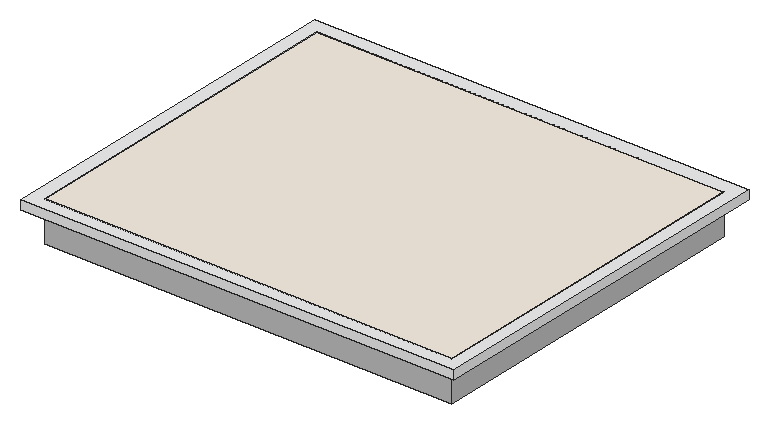
Revit family "Lighting-Industrial-GEWISS-ELIA-HL-LED_HIGHBAY", category Apparecchi per illuminazione, host Superficie, Revit 2019 (continued)
Types (12, lengths in mm): name | Weight (kg): | Weight (kg) | Voltage | Technical sheet | System power | Optic | built-in parameter 1150142 | Lumen output (lm) | Model | IDT | File diagramma fotometrico | Description
    08 73.99 61.96 50.54 40.24 \r\n31.39 23.89 17.78 12.98 9.52 7.19 5.76 5.33 \r\n4943.60 4943.60 4943.60 4945.30 4945.30 4947.00 4947.85 \r\n4949.55 4951.25 4953.80 4956.35 4958.90 4962.30 4966.55 \r\n4969.95 4974.20 4978.45 4983.55 4988.65 4993.75 4999.70 \r\n5004.80 5009.90 5015.00 5020.95 5026.05 5031.15 5036.25 \r\n5041.35 5046.45 5050.70 5055.80 5060.90 5066.00 5071.10 \r\n5077.05 5082.15 5088.10 5094.05 5100.00 5106.80 5112.75 \r\n5119.55 5127.20 5134.85 5141.65 5150.15 5158.65 5167.15 \r\n5175.65 5184.15 5192.65 5201.15 5207.95 5214.75 5222.40 \r\n5229.20 5234.30 5239.40 5244.50 5249.60 5253.00 5255.55 \r\n5258.95 5260.65 5261.50 5262.35 5262.35 5261.50 5259.80 \r\n5258.10 5254.70 5249.60 5243.65 5237.70 5230.90 5222.40 \r\n5213.05 5202.85 5190.95 5178.20 5164.60 5150.15 5134.85 \r\n5117.85 5099.15 5080.45 5060.05 5039.65 5017.55 4992.90 \r\n4967.40 4939.35 4904.50 4865.40 4819.50 4768.50 4710.70 \r\n4647.80 4578.95 4507.55 4437.00 4364.75 4290.80 4211.75 \r\n4125.05 4032.40 3936.35 3835.20 3730.65 3622.70 3511.35 \r\n3398.30 3288.65 3181.55 3077.00 2975.00 2873.85 2774.40 \r\n2675.80 2578.05 2482.85 2390.20 2296.70 2206.60 2118.20 \r\n2031.50 1945.65 1862.35 1781.60 1704.25 1625.45 1548.53 \r\n1473.81 1401.48 1331.95 1264.20 1196.46 1130.50 1068.28 \r\n1007.93 948.09 889.95 834.87 782.42 733.29 686.88 642.94 \r\n601.29 561.85 524.45 489.17 455.77 424.23 394.06 364.73 \r\n336.35 309.14 282.88 257.21 232.90 211.05 190.31 169.63 \r\n150.09 132.73 116.64 101.13 86.69 73.67 61.69 50.35 40.10 \r\n31.31 23.86 17.78 13.00 9.51 7.16 5.74 5.32 \r\n4943.60 4943.60 4943.60 4945.30 4945.30 4947.00 4947.85 \r\n4949.55 4951.25 4953.80 4956.35 4958.90 4962.30 4965.70 \r\n4970.80 4974.20 4979.30 4983.55 4988.65 4994.60 4999.70 \r\n5004.80 5009.90 5015.00 5020.95 5026.05 5031.15 5036.25 \r\n5041.35 5046.45 5051.55 5055.80 5060.90 5066.00 5071.10 \r\n5076.20 5082.15 5087.25 5094.05 5100.00 5106.80 5112.75 \r\n5119.55 5127.20 5134.00 5142.50 5149.30 5158.65 5167.15 \r\n5175.65 5185.00 5193.50 5201.15 5208.80 5215.60 5223.25 \r\n5229.20 5235.15 5240.25 5244.50 5249.60 5253.00 5255.55 \r\n5258.95 5260.65 5261.50 5263.20 5262.35 5261.50 5259.80 \r\n5257.25 5253.85 5249.60 5243.65 5236.85 5230.05 5221.55 \r\n5212.20 5202.00 5190.10 5178.20 5163.75 5150.15 5133.15 \r\n5116.15 5099.15 5080.45 5060.05 5038.80 5017.55 4993.75 \r\n4968.25 4939.35 4904.50 4865.40 4820.35 4771.05 4712.40 \r\n4649.50 4578.95 4507.55 4436.15 4364.75 4290.80 4211.75 \r\n4125.05 4031.55 3935.50 3834.35 3731.50 3624.40 3512.20 \r\n3400.00 3289.50 3182.40 3077.00 2975.00 2874.70 2775.25 \r\n2675.80 2578.05 2483.70 2390.20 2298.40 2207.45 2119.05 \r\n2032.35 1945.65 1861.50 1782.45 1704.25 1625.96 1548.36 \r\n1472.63 1399.27 1329.40 1261.65 1193.99 1128.38 1066.15 \r\n1005.89 946.13 888.16 832.91 780.55 731.51 685.27 641.41 \r\n599.84 560.41 523.17 488.07 454.83 423.38 393.13 363.88 \r\n335.67 308.55 282.37 256.62 232.39 210.54 189.98 169.20 \r\n149.57 132.16 116.08 100.66 86.32 73.36 61.45 50.17 39.97 \r\n31.23 23.82 17.78 13.02 9.51 7.13 5.71 5.31 \r\n4943.60 4943.60 4943.60 4945.30 4945.30 4947.00 4947.85 \r\n4949.55 4951.25 4953.80 4955.50 4958.90 4962.30 4965.70 \r\n4970.80 4974.20 4979.30 4984.40 4989.50 4994.60 4999.70 \r\n5004.80 5009.90 5015.85 5021.80 5026.90 5032.00 5037.10 \r\n5041.35 5046.45 5051.55 5055.80 5060.90 5066.00 5071.10 \r\n5076.20 5082.15 5087.25 5094.05 5100.00 5105.95 5112.75 \r\n5119.55 5126.35 5134.00 5141.65 5150.15 5158.65 5167.15 \r\n5176.50 5185.00 5193.50 5202.00 5208.80 5216.45 5223.25 \r\n5230.05 5235.15 5240.25 5245.35 5248.75 5253.85 5256.40 \r\n5258.95 5260.65 5261.50 5263.20 5262.35 5261.50 5259.80 \r\n5256.40 5253.00 5249.60 5243.65 5236.85 5228.35 5220.70 \r\n5211.35 5201.15 5190.10 5177.35 5163.75 5149.30 5133.15 \r\n5116.15 5098.30 5078.75 5059.20 5038.80 5016.70 4993.75 \r\n4969.10 4940.20 4905.35 4865.40 4821.20 4771.90 4713.25 \r\n4649.50 4579.80 4507.55 4437.00 4364.75 4289.95 4210.90 \r\n4123.35 4031.55 3933.80 3834.35 3731.50 3624.40 3513.90 \r\n3400.85 3290.35 3181.55 3077.85 2975.85 2874.70 2775.25 \r\n2675.80 2578.90 2484.55 2391.05 2299.25 2207.45 2119.05 \r\n2032.35 1945.65 1861.50 1783.30 1705.10 1626.31 1548.19 \r\n1471.52 1397.31 1327.19 1259.19 1191.87 1126.51 1064.28 \r\n1004.11 944.43 886.55 831.22 778.77 729.89 683.83 640.05 \r\n598.57 559.22 522.07 487.13 453.98 422.45 392.36 363.12 \r\n335.07 308.04 281.94 256.19 231.79 210.12 189.63 168.82 \r\n149.08 131.65 115.58 100.23 85.98 73.08 61.23 50.00 39.86 \r\n31.16 23.78 17.77 13.03 9.50 7.10 5.68 5.30 \r\n4943.60 4943.60 4943.60 4945.30 4945.30 4947.00 4947.00 \r\n4948.70 4951.25 4953.80 4955.50 4958.90 4962.30 4965.70 \r\n4970.80 4974.20 4979.30 4984.40 4989.50 4994.60 4999.70 \r\n5004.80 5009.90 5016.70 5021.80 5026.90 5032.00 5037.10 \r\n5042.20 5046.45 5050.70 5055.80 5060.90 5066.00 5071.10 \r\n5076.20 5081.30 5088.10 5094.05 5100.00 5105.95 5112.75 \r\n5119.55 5126.35 5134.00 5141.65 5150.15 5158.65 5168.00 \r\n5176.50 5185.00 5193.50 5202.00 5208.80 5216.45 5223.25 \r\n5230.05 5235.15 5240.25 5245.35 5249.60 5253.00 5256.40 \r\n5258.95 5261.50 5261.50 5263.20 5262.35 5261.50 5259.80 \r\n5256.40 5253.00 5248.75 5242.80 5236.00 5228.35 5219.85 \r\n5211.35 5201.15 5189.25 5176.50 5163.75 5149.30 5133.15 \r\n5116.15 5097.45 5078.75 5059.20 5037.95 5016.70 4994.60 \r\n4969.10 4940.20 4905.35 4866.25 4822.05 4772.75 4714.10 \r\n4651.20 4580.65 4508.40 4437.00 4363.90 4289.95 4210.05 \r\n4122.50 4029.85 3932.95 3833.50 3731.50 3626.10 3513.90 \r\n3401.70 3290.35 3181.55 3077.85 2975.85 2875.55 2775.25 \r\n2676.65 2579.75 2484.55 2391.90 2300.10 2208.30 2119.90 \r\n2033.20 1946.50 1861.50 1783.30 1705.95 1626.64 1548.11 \r\n1470.59 1395.53 1325.15 1257.23 1190.00 1124.81 1062.76 \r\n1002.58 942.99 885.11 829.77 777.33 728.53 682.55 638.78 \r\n597.38 558.20 521.13 486.29 453.22 421.77 391.60 362.52 \r\n334.48 307.62 281.61 255.76 231.37 209.78 189.38 168.49 \r\n148.67 131.21 115.16 99.88 85.69 72.84 61.03 49.85 39.76 \r\n31.08 23.74 17.77 13.04 9.50 7.07 5.66 5.29 \r\n4943.60 4943.60 4943.60 4945.30 4945.30 4947.00 4947.00 \r\n4948.70 4952.10 4953.80 4955.50 4958.90 4962.30 4965.70 \r\n4970.80 4974.20 4979.30 4984.40 4989.50 4994.60 4999.70 \r\n5004.80 5009.90 5016.70 5021.80 5026.90 5032.00 5037.10 \r\n5042.20 5047.30 5050.70 5055.80 5060.90 5066.00 5071.10 \r\n5076.20 5081.30 5088.10 5093.20 5100.00 5106.80 5111.90 \r\n5118.70 5127.20 5134.00 5142.50 5151.00 5159.50 5168.00 \r\n5176.50 5185.00 5193.50 5202.00 5208.80 5217.30 5224.10 \r\n5229.20 5236.00 5241.10 5244.50 5249.60 5253.00 5256.40 \r\n5259.80 5261.50 5261.50 5263.20 5261.50 5261.50 5259.80 \r\n5256.40 5253.00 5247.90 5242.80 5236.00 5227.50 5219.00 \r\n5210.50 5200.30 5188.40 5176.50 5162.90 5149.30 5132.30 \r\n5115.30 5096.60 5077.90 5057.50 5037.10 5016.70 4994.60 \r\n4969.10 4940.20 4906.20 4867.10 4822.90 4771.90 4715.80 \r\n4651.20 4581.50 4508.40 4437.00 4363.90 4289.10 4210.90 \r\n4122.50 4029.00 3932.10 3833.50 3731.50 3626.10 3515.60 \r\n3401.70 3291.20 3182.40 3078.70 2976.70 2874.70 2776.10 \r\n2677.50 2578.90 2485.40 2391.90 2300.10 2210.00 2119.90 \r\n2033.20 1946.50 1861.50 1783.30 1706.80 1626.90 1547.85 \r\n1469.82 1394.17 1323.45 1255.62 1188.47 1123.53 1061.65 \r\n1001.47 941.80 884.17 828.75 776.22 727.43 681.70 637.84 \r\n596.53 557.43 520.37 485.69 452.71 421.26 391.00 362.10 \r\n334.05 307.36 281.35 255.51 231.03 209.44 189.21 168.23 \r\n148.36 130.87 114.82 99.59 85.46 72.66 60.88 49.74 39.68 \r\n31.04 23.71 17.75 13.04 9.49 7.05 5.64 5.29 \r\n" | "17000" | "GWF1001MM840" | "40ad6db1-f278-4a9c-a2fd-9563eef2b31f" | "GWF1001MM840.IES" | "ELIA HL M2 120° 4000K S.ALONE DALI"
